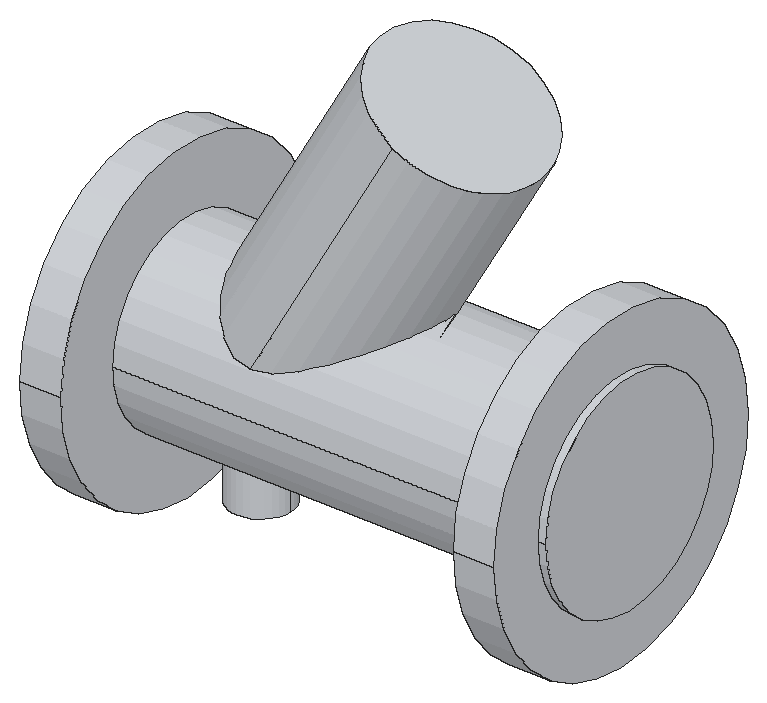
Revit family "HS 821-síto_standard-PN25-DN080-RFA_2019", category Pipe Accessories, Revit 2019
Family settings
  Round Connector Dimension = Use Diameter
  Part Type = Breaks Into
  Work Plane-Based = No
  Always vertical = Yes
  Cut with Voids When Loaded = No
  Shared = No
Parameters (values of type "821D-DN080-PN25-síto_standard")
  magiProductId = "e21040fa3cc2404b858198f6b73709"
  magiProductFamilyId = "79214ac3aaa945e397802f559f5c1e"
  magiPartTypeId = 307
  isMeasuringValve [instance] = no
  ang2D [instance] = 0.00°
  ZB__ve = -ZB  # -32 mm
  ZB1 = 53.46 mm
  ZB = 32 mm
  X2 = 104.753 mm
  X1 = 43.4 mm
  W2D = 15 mm
  VersionID = "2.0/2017.9.26.1/ZETKAMA_821_001"
  Use Minimum Symbol Size [instance] = yes
  URL = "www.hydronic.cz"
  Type Comments = "Filtr přírubový; síto standardní; A-PN16 (-10~300°C); D-PN25 (-10~350°C); F-PN40 (-10~400°C)"
  S = 132 mm
  QmdConnectorList = "301;D;302;D"
  Productdata [instance] = ""
  Manufacturer = "Hydronic Systems Prague s.r.o."
  MC Product Code = "200 280 (821D; DN080; PN25; kvs147,4; oko síta 1,25mm)"
  LM1 = 24.8 mm
  LM = 248 mm
  L4 = 77.5 mm
  L2D_Min = 3048 mm
  L2D = 130 mm
  L2 = 155 mm
  HH2 = 181.438 mm
  FD = 200 mm
  Description = "Filtr přírubový; síto standardní; 821A-PN16; 821D-PN25; 821F-PN40"
  DM1 = 107.4 mm
  DM = 118.8 mm
  D = 80 mm
  CC = 5.27 mm
  CAT0 = yes
  C1 = 25.73 mm
  C = 31 mm
  BD = 37.422 mm
Types (40, lengths in mm): name | magiProductId | ZB__ve | ZB1 | ZB | X2 | X1 | S | MC Product Code | LM1 | LM | L4 | L2 | HH2 | FD | DM1 | DM | D | CC | C1 | C | BD
  821A-DN015-PN16-síto_standard | "a71bcfe8b393460598b23e8ddf7dc5" | -16.25 | 18.63 | 16.25 | 46.982 | 18.2 | 46 | "200 115 (821A; DN015; PN16; kvs6,3; oko síta 1,00mm)" | 10.4 | 104 | 32.5 | 65 | 81.375 | 95 | 27.6 | 41.4 | 15 | 2.21 | 10.79 | 13 | 13.041
  821A-DN020-PN16-síto_standard | "41cd6c7a12924f4991217528336076" | -17.75 | 22.68 | 17.75 | 51.673 | 21 | 56 | "200 120 (821A; DN020; PN16; kvs11,2; oko síta 1,00mm)" | 12 | 120 | 37.5 | 75 | 89.5 | 105 | 33.6 | 50.4 | 20 | 2.55 | 12.45 | 15 | 15.876
  821A-DN025-PN16-síto_standard | "be378b463ed14c3abf4c9b3ae8cf3a" | -19.25 | 26.325 | 19.25 | 58.601 | 22.4 | 65 | "200 125 (821A; DN025; PN16; kvs14,7; oko síta 1,00mm)" | 12.8 | 128 | 40 | 80 | 101.5 | 115 | 43.2 | 58.5 | 25 | 2.72 | 13.28 | 16 | 18.427
  821A-DN032-PN16-síto_standard | "227a0d18b21540afabe8b6067d35fa" | -23 | 30.78 | 23 | 68.849 | 25.2 | 76 | "200 132 (821A; DN032; PN16; kvs23,7; oko síta 1,00mm)" | 14.4 | 144 | 45 | 90 | 119.25 | 140 | 50.4 | 68.4 | 32 | 3.06 | 14.94 | 18 | 21.546
  821A-DN040-PN16-síto_standard | "d106917c74724141a10440112d0102" | -24.5 | 34.02 | 24.5 | 75.777 | 28 | 84 | "200 140 (821A; DN040; PN16; kvs37,7; oko síta 1,00mm)" | 16 | 160 | 50 | 100 | 131.25 | 150 | 60 | 75.6 | 40 | 3.4 | 16.6 | 20 | 23.814
  821A-DN050-PN16-síto_standard | "8255d456a09e4f6486734f5dd9171b" | -26.75 | 40.095 | 26.75 | 79.061 | 32.2 | 99 | "200 150 (821A; DN050 PN16; kvs57,9; oko síta 1,00mm)" | 18.4 | 184 | 57.5 | 115 | 136.938 | 165 | 73.8 | 89.1 | 50 | 3.91 | 19.09 | 23 | 28.066
  821A-DN065-PN16-síto_standard | "235b1b3e4c0843779a4d5e3716d40a" | -29.75 | 47.79 | 29.75 | 86.927 | 40.6 | 118 | "200 165 (821A; DN065; PN16; kvs101,5; oko síta 1,25mm)" | 23.2 | 232 | 72.5 | 145 | 150.562 | 185 | 94.2 | 106.2 | 65 | 4.93 | 24.07 | 29 | 33.453
  821A-DN080-PN16-síto_standard | "a067f7c5236348ed8c820d16df7214" | -32 | 53.46 | 32 | 104.753 | 43.4 | 132 | "200 180 (821A; DN080; PN16; kvs147,4; oko síta 1,25mm)" | 24.8 | 248 | 77.5 | 155 | 181.438 | 200 | 107.4 | 118.8 | 80 | 5.27 | 25.73 | 31 | 37.422
  821A-DN100-PN16-síto_standard | "c49a648c2747461285837d643703cd" | -35 | 63.18 | 35 | 114.857 | 49 | 156 | "200 190 (821A; DN100; PN16; kvs209,6; oko síta 1,60mm)" | 28 | 280 | 87.5 | 175 | 198.937 | 220 | 131.4 | 140.4 | 100 | 5.95 | 29.05 | 35 | 44.226
  821A-DN125-PN16-síto_standard | "bf68e728a163493cbd2a663b26ebdc" | -39.5 | 74.52 | 39.5 | 131.888 | 56 | 184 | "200 191 (821A; DN125; PN16; kvs326,2; oko síta 1,60mm)" | 32 | 320 | 100 | 200 | 228.438 | 250 | 165 | 165.6 | 125 | 6.8 | 33.2 | 40 | 52.164
  821A-DN150-PN16-síto_standard | "2de770284b654863ae6bc865769dc5" | -44.75 | 85.455 | 44.75 | 155.885 | 67.2 | 211 | "200 192 (821A; DN150; PN16; kvs403; oko síta 1,60mm)" | 38.4 | 384 | 120 | 240 | 270 | 285 | 192 | 189.9 | 150 | 8.16 | 39.84 | 48 | 59.818
  821A-DN200-PN16-síto_standard | "8e5693371ab64aabb29a7f08c76e15" | -53 | 107.73 | 53 | 188.361 | 84 | 266 | "200 193 (821A; DN200; PN16; kvs707; oko síta 1,60mm)" | 48 | 480 | 150 | 300 | 326.25 | 340 | 252 | 239.4 | 200 | 10.2 | 49.8 | 60 | 75.411
  821A-DN250-PN16-síto_standard | "05e37ed948c34047acdd4c42556504" | -62.75 | 129.195 | 62.75 | 255.911 | 102.2 | 319 | "200 194 (821A; DN250; PN16; kvs1234; oko síta 1,60mm)" | 58.4 | 584 | 182.5 | 365 | 443.25 | 405 | 309.6 | 287.1 | 250 | 12.41 | 60.59 | 73 | 90.436
  821A-DN300-PN16-síto_standard | "9ad0af747269428da925480d83ce80" | -71 | 149.85 | 71 | 325.914 | 119 | 370 | "200 195 (821A; DN300; PN16; kvs1916; oko síta 1,60mm)" | 68 | 680 | 212.5 | 425 | 564.5 | 460 | 369.6 | 333 | 300 | 14.45 | 70.55 | 85 | 104.895
  821A-DN350-PN16-síto_standard | "eebc71459bb3451bb4355e7951370a" | -80 | 173.745 | 80 | 356.875 | 137.2 | 429 | "200 196 (821A; DN350; PN16; kvs2621; oko síta 1,60mm)" | 78.4 | 784 | 245 | 490 | 618.125 | 520 | 438 | 386.1 | 350 | 16.66 | 81.34 | 98 | 121.621
  821A-DN400-PN16-síto_standard | "d2f677cb196647e385b2590e7d8abe" | -89 | 194.4 | 89 | 392.237 | 154 | 480 | "200 197 (821A; DN400; PN16; kvs3460; oko síta 1,60mm)" | 88 | 880 | 275 | 550 | 679.375 | 580 | 498 | 432 | 400 | 18.7 | 91.3 | 110 | 136.08
  821D-DN015-PN25-síto_standard | "27ddcbf555414f8ca1fde329bf9087" | -16.25 | 18.63 | 16.25 | 46.982 | 18.2 | 46 | "200 215 (821D; DN015; PN25; kvs6,3; oko síta 1,00mm)" | 10.4 | 104 | 32.5 | 65 | 81.375 | 95 | 27.6 | 41.4 | 15 | 2.21 | 10.79 | 13 | 13.041
  821D-DN020-PN25-síto_standard | "270e0f14012f47189cd0235c18faee" | -17.75 | 22.68 | 17.75 | 51.673 | 21 | 56 | "200 220 (821D; DN020; PN25; kvs11,2; oko síta 1,00mm)" | 12 | 120 | 37.5 | 75 | 89.5 | 105 | 33.6 | 50.4 | 20 | 2.55 | 12.45 | 15 | 15.876
  821D-DN025-PN25-síto_standard | "b9a7fb4aa36643878c637d8e1ab992" | -19.25 | 26.325 | 19.25 | 58.601 | 22.4 | 65 | "200 225 (821D; DN025; PN25; kvs14,7; oko síta 1,00mm)" | 12.8 | 128 | 40 | 80 | 101.5 | 115 | 43.2 | 58.5 | 25 | 2.72 | 13.28 | 16 | 18.427
  821D-DN032-PN25-síto_standard | "6be9a55c4e68400f94eec7e804204c" | -23 | 30.78 | 23 | 68.849 | 25.2 | 76 | "200 232 (821D; DN032; PN25; kvs23,7; oko síta 1,00mm)" | 14.4 | 144 | 45 | 90 | 119.25 | 140 | 50.4 | 68.4 | 32 | 3.06 | 14.94 | 18 | 21.546
  821D-DN040-PN25-síto_standard | "c54511bd7f584ec2984291479612cb" | -24.5 | 34.02 | 24.5 | 75.777 | 28 | 84 | "200 240 (821D; DN040; PN25; kvs37,7; oko síta 1,00mm)" | 16 | 160 | 50 | 100 | 131.25 | 150 | 60 | 75.6 | 40 | 3.4 | 16.6 | 20 | 23.814
  821D-DN050-PN25-síto_standard | "5483b1f596b04cd39b23a14a22c90e" | -26.75 | 40.095 | 26.75 | 79.061 | 32.2 | 99 | "200 250 (821D; DN050; PN25; kvs57,9; oko síta 1,00mm)" | 18.4 | 184 | 57.5 | 115 | 136.938 | 165 | 73.8 | 89.1 | 50 | 3.91 | 19.09 | 23 | 28.066
  821D-DN065-PN25-síto_standard | "767b0f8318e94750bc7a9930ed5b30" | -29.75 | 47.79 | 29.75 | 86.927 | 40.6 | 118 | "200 265 (821D; DN065; PN25; kvs101,5; oko síta 1,25mm)" | 23.2 | 232 | 72.5 | 145 | 150.562 | 185 | 94.2 | 106.2 | 65 | 4.93 | 24.07 | 29 | 33.453
  821D-DN080-PN25-síto_standard | "e21040fa3cc2404b858198f6b73709" | -32 | 53.46 | 32 | 104.753 | 43.4 | 132 | "200 280 (821D; DN080; PN25; kvs147,4; oko síta 1,25mm)" | 24.8 | 248 | 77.5 | 155 | 181.438 | 200 | 107.4 | 118.8 | 80 | 5.27 | 25.73 | 31 | 37.422
  821D-DN100-PN25-síto_standard | "175ca87a506b40b3bc6b82f12f33cf" | -37.25 | 63.18 | 37.25 | 114.857 | 49 | 156 | "200 290 (821D; DN100; PN25; kvs209,6; oko síta 1,60mm)" | 28 | 280 | 87.5 | 175 | 198.937 | 235 | 131.4 | 140.4 | 100 | 5.95 | 29.05 | 35 | 44.226
  821D-DN125-PN25-síto_standard | "77cc98d60da24855999a22dff726b2" | -42.5 | 74.52 | 42.5 | 131.888 | 56 | 184 | "200 291 (821D; DN125; PN25; kvs326,2; oko síta 1,60mm)" | 32 | 320 | 100 | 200 | 228.438 | 270 | 165 | 165.6 | 125 | 6.8 | 33.2 | 40 | 52.164
  821D-DN150-PN25-síto_standard | "9cf8acfcd15547d68e83172d3abcbe" | -47 | 85.455 | 47 | 155.885 | 67.2 | 211 | "200 292 (821D; DN150; PN25; kvs403; oko síta 1,60mm)" | 38.4 | 384 | 120 | 240 | 270 | 300 | 192 | 189.9 | 150 | 8.16 | 39.84 | 48 | 59.818
  821D-DN200-PN25-síto_standard | "16973f3c9ea14389ba8602495a6b64" | -56 | 110.97 | 56 | 188.361 | 84 | 274 | "200 293 (821D; DN200; PN25; kvs707; oko síta 1,60mm)" | 48 | 480 | 150 | 300 | 326.25 | 360 | 252 | 246.6 | 200 | 10.2 | 49.8 | 60 | 77.679
  821F-DN015-PN40-síto_standard | "4c7eaf3c4c0340888b3e684d8a8616" | -16.25 | 18.225 | 16.25 | 46.982 | 18.2 | 45 | "240 615 (821F; DN015; PN40; kvs6,3; oko síta 1,00mm)" | 10.4 | 104 | 32.5 | 65 | 81.375 | 95 | 27.6 | 40.5 | 15 | 2.21 | 10.79 | 13 | 12.757
  821F-DN020-PN40-síto_standard | "aaac5f1ec96b44d6ba96ac2293d66d" | -17.75 | 23.49 | 17.75 | 51.673 | 21 | 58 | "240 620 (821F; DN020; PN40; kvs11,2; oko síta 1,00mm)" | 12 | 120 | 37.5 | 75 | 89.5 | 105 | 33.6 | 52.2 | 20 | 2.55 | 12.45 | 15 | 16.443
  821F-DN025-PN40-síto_standard | "504768023968471481789485b54c7e" | -19.25 | 27.54 | 19.25 | 58.601 | 22.4 | 68 | "240 625 (821F; DN025; PN40; kvs14,7; oko síta 1,00mm)" | 12.8 | 128 | 40 | 80 | 101.5 | 115 | 43.2 | 61.2 | 25 | 2.72 | 13.28 | 16 | 19.278
  821F-DN032-PN40-síto_standard | "165e7f39cf744f329bdf1c400dad12" | -23 | 31.59 | 23 | 68.849 | 25.2 | 78 | "240 632 (821F; DN032; PN40; kvs23,7; oko síta 1,00mm)" | 14.4 | 144 | 45 | 90 | 119.25 | 140 | 50.4 | 70.2 | 32 | 3.06 | 14.94 | 18 | 22.113
  821F-DN040-PN40-síto_standard | "b8903f952089408fbf3a5a632bab1f" | -24.5 | 35.64 | 24.5 | 75.777 | 28 | 88 | "240 640 (821F; DN040; PN40; kvs37,7; oko síta 1,00mm)" | 16 | 160 | 50 | 100 | 131.25 | 150 | 60 | 79.2 | 40 | 3.4 | 16.6 | 20 | 24.948
  821F-DN050-PN40-síto_standard | "c451f97266fe48da8f879cb6a2bd44" | -26.75 | 41.31 | 26.75 | 79.061 | 32.2 | 102 | "240 650 (821F; DN050; PN40; kvs57,9; oko síta 1,00mm)" | 18.4 | 184 | 57.5 | 115 | 136.938 | 165 | 73.8 | 91.8 | 50 | 3.91 | 19.09 | 23 | 28.917
  821F-DN065-PN40-síto_standard | "dc9821e3f9b34e128f6a8c6b34c198" | -29.75 | 49.41 | 29.75 | 86.927 | 40.6 | 122 | "240 665 (821F; DN065; PN40; kvs101,5; oko síta 1,25mm)" | 23.2 | 232 | 72.5 | 145 | 150.562 | 185 | 94.2 | 109.8 | 65 | 4.93 | 24.07 | 29 | 34.587
  821F-DN080-PN40-síto_standard | "689aa1e260f84cf4994f027a1d86b5" | -32 | 55.89 | 32 | 104.753 | 43.4 | 138 | "240 680 (821F; DN080; PN40; kvs147,4; oko síta 1,25mm)" | 24.8 | 248 | 77.5 | 155 | 181.438 | 200 | 107.4 | 124.2 | 80 | 5.27 | 25.73 | 31 | 39.123
  821F-DN100-PN40-síto_standard | "8a45d4e8e2ab425f8c432f21d684f3" | -37.25 | 65.61 | 37.25 | 114.857 | 49 | 162 | "240 690 (821F; DN100; PN40; kvs209,6; oko síta 1,6mm)" | 28 | 280 | 87.5 | 175 | 198.937 | 235 | 131.4 | 145.8 | 100 | 5.95 | 29.05 | 35 | 45.927
  821F-DN125-PN40-síto_standard | "cf073904c006406b8645afa67ea2fc" | -42.5 | 76.14 | 42.5 | 131.888 | 56 | 188 | "240 691 (821F; DN125; PN40; kvs326,2; oko síta 1,6mm)" | 32 | 320 | 100 | 200 | 228.438 | 270 | 165 | 169.2 | 125 | 6.8 | 33.2 | 40 | 53.298
  821F-DN150-PN40-síto_standard | "0153b9ddabe14992a630484929fdbc" | -47 | 88.29 | 47 | 155.885 | 67.2 | 218 | "240 692 (821F; DN150; PN40; kvs403; oko síta 1,6mm)" | 38.4 | 384 | 120 | 240 | 270 | 300 | 192 | 196.2 | 150 | 8.16 | 39.84 | 48 | 61.803
  821F-DN200-PN40-síto_standard | "7fb3fc01dd8d42428c203e3f8dd4d5" | -56 | 115.425 | 56 | 188.361 | 84 | 285 | "240 693 (821F; DN200; PN40; kvs707; oko síta 1,6mm)" | 48 | 480 | 150 | 300 | 326.25 | 360 | 252 | 256.5 | 200 | 10.2 | 49.8 | 60 | 80.797
Reference planes
  plane 1 "Center (Front/Back)": y = 0
  plane 2 "XYPLANE": z = 0
  plane 3 "Center (Left/Right)": x = 0
  plane 4 "109": x = -99.2
  plane 5 "108": x = 124
  plane 6 "107": x = -124
  plane 7 "105": x = 155
  plane 8 "104": x = -155
  plane 9 "103": y = 0
  plane 10 "102": z = 0
  plane 11 "101": x = -149.73
  plane 12 "100": x = 149.73
  plane 13 "11": x = -55.8
  plane 14 "10": z = 181.438
  plane 15 "9": x = 48.953
  plane 16 "5": z = -53.46
  plane 17 "4": x = -77.5
  plane 18 "1": x = 77.5
Forms (mm)
  Extrusion 1, solid, visible <- "CAT0"
    sketch origin (-124, -750, 0) x (0, 1, 0) y (0, 0, 1)
      loop
        circle (750, 0) r 59.4
    from 0 to 248 <- "LM"
  Extrusion 2, solid
    sketch origin (-155, -750, 0) x (0, 1, 0) y (0, 0, 1)
      loop
        circle (750, 0) r 66
    from 0 to 5.27 <- "CC"
  Extrusion 3, solid
    sketch origin (-149.73, -750, 0) x (0, 1, 0) y (0, 0, 1)
      loop
        circle (750, 0) r 100
    from 0 to 25.73 <- "C1"
  Extrusion 4, solid
    sketch origin (124, -750, 0) x (0, 1, 0) y (0, 0, 1)
      loop
        circle (750, 0) r 100
    from 0 to 25.73 <- "C1"
  Extrusion 5, solid
    sketch origin (149.73, -750, 0) x (0, 1, 0) y (0, 0, 1)
      loop
        circle (750, 0) r 66
    from 0 to 5.27 <- "CC"
  Sweep 6, solid, visible <- "CAT0"
    path origin (750, 0, 0) x (-1, 0, 0) y (0, 0, 1)
      loop
        line (874, 0) -> (805.8, 0) -> (701.047, 181.438)
    profile origin (-124, 0, 0) x (0, 0, -1) y (0, 1, 0)
      loop
        circle (0, 0) r 53.7
  Extrusion 7, solid, visible <- "CAT0"
    sketch origin (-750, 0, -53.46) x (1, 0, 0) y (0, 1, 0)
      loop
        circle (672.5, 0) r 18.711
    from 0 to -32 <- "ZB__ve"
  Extrusion 8, solid, visible <- "CAT0"
    sketch origin (-750, 0, -53.46) x (1, 0, 0) y (0, 1, 0)
      loop
        circle (827.5, 0) r 18.711
    from 0 to -32 <- "ZB__ve"
  Extrusion 9, solid, not visible
    sketch origin (155, -750, 0) x (0, 1, 0) y (0, 0, 1)
      loop
        circle (750, 0) r 10
    from 0 to -10
  Extrusion 10, solid, not visible
    sketch origin (-155, -750, 0) x (0, 1, 0) y (0, 0, 1)
      loop
        circle (750, 0) r 10
    from 0 to 10
Lines and regions (mm)
  reference lines, not visible
    curve 1: circle (2, 2, 0) r 1 normal (0, 0, 1)
Dimensions and locks
  plane 1 "Center (Front/Back)" to curve 1 = 2 mm
  "LM1": plane 6 "107" to plane 4 "109"
  "LM": plane 6 "107" to plane 5 "108"
  "C": plane 8 "104" to plane 6 "107"
  "L2": plane 3 "Center (Left/Right)" to plane 7 "105"
  "L2": plane 3 "Center (Left/Right)" to plane 8 "104"
  locked: plane 1 "Center (Front/Back)" to plane 9 "103"
  locked: plane 2 "XYPLANE" to plane 10 "102"
  "CC": plane 8 "104" to plane 11 "101"
  "C1": plane 5 "108" to plane 12 "100"
  "X1": plane 4 "109" to plane 13 "11"
  "HH2": plane 2 "XYPLANE" to plane 14 "10"
  "X2": plane 13 "11" to plane 15 "9"
  "ZB1": plane 2 "XYPLANE" to plane 16 "5"
  "L4": plane 8 "104" to plane 17 "4"
  "L2": plane 17 "4" to plane 18 "1"
  Sweep 6 sketch curve to Sweep 6 sketch curve = 0 mm  (x2)
  "DM": diameter of Extrusion 1 sketch curve
  "S": diameter of Extrusion 2 sketch curve
  "FD": diameter of Extrusion 3 sketch curve
  "FD": diameter of Extrusion 4 sketch curve
  "S": diameter of Extrusion 5 sketch curve
  "DM1": diameter of Sweep 6 sketch curve
  "BD": diameter of Extrusion 7 sketch curve
  "BD": diameter of Extrusion 8 sketch curve
  aligned and locked: level to plane 2 "XYPLANE"
  aligned and locked: Extrusion 1 sketch curve to plane 9 "103"
  aligned and locked: plane 10 "102" to Extrusion 1 sketch curve
  aligned and locked: Extrusion 2 sketch curve to plane 9 "103"
  aligned and locked: plane 10 "102" to Extrusion 2 sketch curve
  aligned and locked: Extrusion 3 sketch curve to plane 9 "103"
  aligned and locked: plane 10 "102" to Extrusion 3 sketch curve
  aligned and locked: Extrusion 4 sketch curve to plane 9 "103"
  aligned and locked: plane 10 "102" to Extrusion 4 sketch curve
  aligned and locked: Extrusion 5 sketch curve to plane 9 "103"
  aligned and locked: plane 10 "102" to Extrusion 5 sketch curve
  aligned and locked: Sweep 6 sketch curve to plane 9 "103"
  aligned and locked: plane 10 "102" to Sweep 6 sketch curve  (x3)
  aligned and locked: plane 6 "107" to Sweep 6 sketch curve
  aligned and locked: plane 13 "11" to Sweep 6 sketch curve
  aligned and locked: plane 14 "10" to Sweep 6 sketch curve
  aligned and locked: plane 15 "9" to Sweep 6 sketch curve
  aligned and locked: plane 9 "103" to Extrusion 7 sketch curve
  aligned and locked: plane 17 "4" to Extrusion 7 sketch curve
  aligned and locked: plane 9 "103" to Extrusion 8 sketch curve
  aligned and locked: plane 18 "1" to Extrusion 8 sketch curve
  aligned and locked: Extrusion 9 sketch curve to plane 9 "103"
  aligned and locked: plane 10 "102" to Extrusion 9 sketch curve
  aligned and locked: Extrusion 10 sketch curve to plane 9 "103"
  aligned and locked: plane 10 "102" to Extrusion 10 sketch curve
Automatic sketch dimensions
  plane 1 "Center (Front/Back)" to Extrusion 9 sketch curve = 10 mm
  plane 1 "Center (Front/Back)" to Extrusion 10 sketch curve = 10 mm
  plane 3 "Center (Left/Right)" to curve 1 = 2 mm
  radius of curve 1 = 1 mm
Connectors
  piping at (-155, 0, 0), diameter 80, driven by "D"
    settings: on Extrusion 10, index 1, connector inside diameter 609.6 mm, connector length 0 mm, flow factor 0, pipe flow 0.0 L/s, pressure drop 0.0 Pa, fitting loss kfactor 0, connector angle 0.00°, fixture units 0, engagement length 0 mm, angle of deflection 0.00°, flow configuration 0, flow direction 0, fitting loss method 0, system type 29, joint type 0, gender type 0, connector reference index 2, connector utility 0, adjustable connector no, is connector primary yes, connector description ""
  piping at (155, 0, 0), diameter 80, driven by "D"
    settings: on Extrusion 9, index 2, connector inside diameter 609.6 mm, connector length 0 mm, flow factor 0, pipe flow 0.0 L/s, pressure drop 0.0 Pa, fitting loss kfactor 0, connector angle 0.00°, fixture units 0, engagement length 0 mm, angle of deflection 0.00°, flow configuration 0, flow direction 0, fitting loss method 0, system type 29, joint type 0, gender type 0, connector reference index 1, connector utility 0, adjustable connector no, is connector primary no, connector description ""
